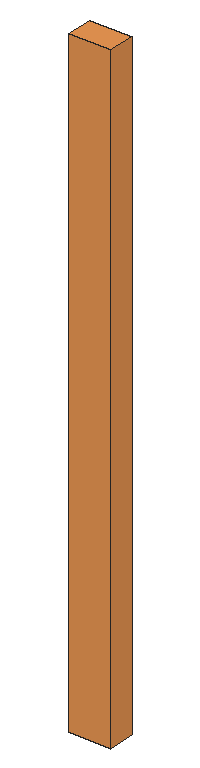
Revit family "BD_Busduct Vertical Section 800A", category Electrical Equipment, Revit 2025
Family settings
  Panel Configuration = Two Columns, Circuits Across
  Round Connector Dimension = Use Diameter
  Part Type = Panelboard
  OmniClass Number = 23.80.30.11.17
  OmniClass Title = Distribution Boards and Control Panels
  Work Plane-Based = No
  Always vertical = Yes
  Cut with Voids When Loaded = No
  Maintain Annotation Orientation = No
  Shared = No
  Room Calculation Point = No
Parameters (values of type "800A 4P+PE Cu")
  built-in parameter 1140142 [instance] = -1
  Section Length [instance] = 3000 mm
  built-in parameter 1140140 [instance] = 1 (stored number, unit not read)
  built-in parameter 1155100 [instance] = -1
  Default Elevation = 0 mm
Reference planes
  plane 1 "Center (Front/Back)": y = 0
  plane 2: z = 0
  plane 3 "Center (Left/Right)": x = 0
Forms (mm)
  Extrusion 1, solid, material "Busduct Housing - Orange"
    sketch origin (0, 0, 0) x (1, 0, 0) y (0, 1, 0)
      loop
        line (-100, -65) -> (100, -65) -> (100, 65) -> (-100, 65) -> (-100, -65)
    from 0 to 3000 <- "Section Length"
Dimensions and locks
  aligned and locked: level to plane 2
